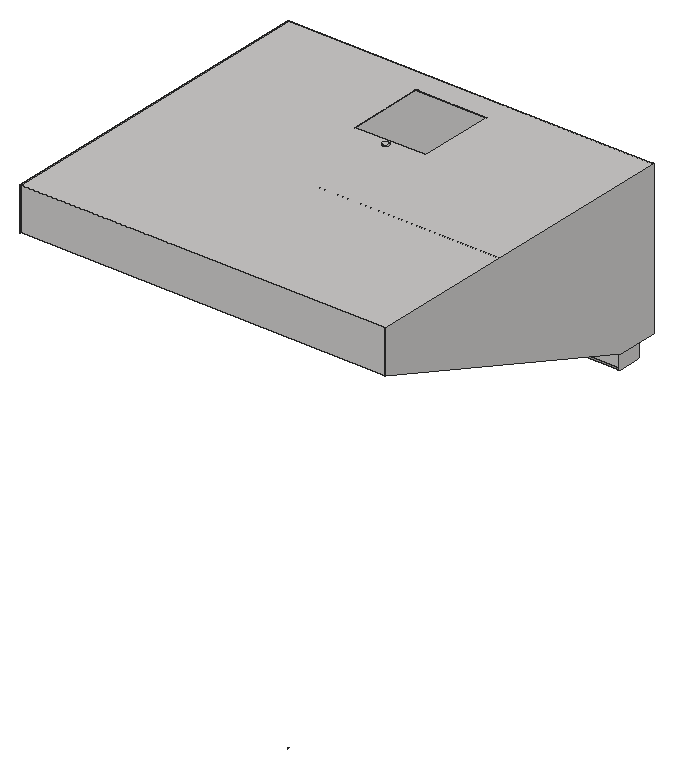
Revit family "QF_ELECTROLUXPROFESSIONAL_644191_AMPV1112BT", category Attrezzature speciali, Revit 2021
Family settings
  Quota connettore circolare = Usa diametro
  Tipo di parte = Normale
  Basato su piano di lavoro = No
  Sempre verticale = Sì
  Taglio con vuoti quando caricato = No
  Condiviso = No
  Punto di calcolo locali = No
Parameters (values of type "Standard")
  Weight = 43.00 kg
  Watts = 300 W
  Volts = 220 V
  URL Manufacturer = "https://www.electroluxprofessional.com/"
  URL = "https://www.electroluxprofessional.com/"
  Steam Supply Size = 0 mm
  Steam Supply Minimum Pressure = 0.0 Pa
  Steam Supply Maximum Pressure = 0.0 Pa
  Steam Consumption per Hour = 0
  Refrigeration Suction Line Size = 0 mm
  Refrigeration Liquid Line Size = 0 mm
  Refrigerant Compressor Remote = yes
  Prospetto di default = 0 mm
  Produttore = "Electrolux Professional"
  Phase = 1
  Modello = "AMPV1112BT"
  Length Actual = 1200 mm  # constant formula
  Item Number = "644191"
  Hot Water Size = 0 mm
  Height Actual = 500 mm  # constant formula
  HP = "0.4 HP"
  Gas Size = 0 mm
  Gas KW = 0
  Gas Input Pressure = 0 W
  Direct Waste Size = 0 mm
  Descrizione = "430 S/S WALL HOOD+FILTERS+FAN 1200X1100"
  Depth Actual = 1100 mm  # constant formula
  Cycle = 50 Hz
  Condensate Return Size = 0 mm
  Compressed Air Volume = 0.0 L/s
  Compressed Air Size = 0 mm
  Compressed Air Pressure = 0.0 Pa
  Cold Water Size = 0 mm
  Accessory = yes
Reference planes
  plane 1 "Center (Front/Back)": y = 0
  plane 2: z = 0
  plane 3 "Center (Left/Right)": x = 150
  plane 4 "LEFT": x = -450
  plane 5 "RIGHT": x = 750
  plane 6 "BACK": y = 550
  plane 7 "FRONT": y = -550
  plane 8 "Plane": z = 2000
  plane 9 "TOP": z = 2140
  plane 10 "Base": z = 1640
  plane 11: z = 1566
  plane 12 "DrainY": y = 485
  plane 13: x = -447
  plane 14: through (0, 414.509, 1640.8) normal (0, 0.7314, 0.682)
  plane 15: y = 470
  plane 16: y = 220
  plane 17 "DrainX": x = 630
  plane 18: x = 33.5
  plane 19: x = 266.5
  plane 20: x = 747
  plane 21: x = 540
  plane 22: x = 720
  plane 23: x = -410
  plane 24: x = 710
  plane 25: x = -47.5
  plane 26: x = 347.5
  plane 27: y = 200
Forms (mm)
  Extrusion 1, solid, material "QF_Finishes_Stainless Steel"
    sketch origin (-450, 0, 0) x (0, 1, 0) y (0, 0, 1)
      loop
        line (550, 1640) -> (550, 2140) -> (-550, 2140) -> (-550, 1999.112) -> (413.973, 1640) -> (550, 1640)
    from 0 to 3
  Extrusion 2, solid, material "QF_Finishes_Stainless Steel"
    sketch origin (150, 0, 0) x (0, 1, 0) y (0, 0, 1)
      loop
        line (415.255, 1640) -> (550, 1640) -> (550, 2139.19) -> (549.2, 2139.19) -> (549.2, 1640.8) -> (415.876, 1640.8) -> (339.347, 1722.867) -> (349.609, 1732.436) -> (348.927, 1733.167) -> (337.934, 1722.917) -> (415.255, 1640)
      loop
        line (-82.203, 2139.19) -> (-82.203, 2118.6) -> (-31.047, 2118.6) -> (34.354, 2048.466) -> (46.028, 2059.352) -> (45.346, 2060.083) -> (34.403, 2049.879) -> (-30.612, 2119.6) -> (-81.203, 2119.6) -> (-81.203, 2139.19) -> (-82.203, 2139.19)
    from -597 to 597
  Extrusion 3, solid, material "QF_Finishes_Stainless Steel"
    sketch origin (750, 0, 0) x (0, 1, 0) y (0, 0, 1)
      loop
        line (550, 1640) -> (550, 2140) -> (-550, 2140) -> (-550, 1999.112) -> (413.973, 1640) -> (550, 1640)
    from 0 to -3
  Extrusion 4, solid, material "QF_Finishes_Stainless Steel"
    sketch origin (150, 0, 0) x (0, 1, 0) y (0, 0, 1)
      loop
        line (-550, 2140) -> (-550, 2000) -> (-549.2, 2000) -> (-549.2, 2139.19) -> (550, 2139.19) -> (550, 2140) -> (-550, 2140)
    from -600 to 600
  Extrusion 5, solid, material "QF_Finishes_Stainless Steel"
    sketch origin (150, 0, 0) x (0, 1, 0) y (0, 0, 1)
      loop
        line (534, 1640) -> (436, 1640) -> (436, 1627) -> (443.5, 1627) -> (443.5, 1576)
        arc (443.5, 1576) -> (446.429, 1568.929) -> (453.5, 1566) r 10
        line (453.5, 1566) -> (516.5, 1566)
        arc (516.5, 1566) -> (523.571, 1568.929) -> (526.5, 1576) r 10
        line (526.5, 1576) -> (526.5, 1627) -> (534, 1627) -> (534, 1640)
    from 390 to 570
  Extrusion 6, solid, material "QF_Finishes_Stainless Steel"
    sketch origin (0, 0, 1640) x (0, 1, 0) y (-1, 0, 0)
      loop
        circle (485, -630) r 20
    from -76 to -74
  Extrusion 7, solid, material "QF_Finished_Chrome"
    sketch origin (150, 0, 0) x (0, 1, 0) y (0, 0, 1)
      loop
        line (337.934, 1722.917) -> (341.591, 1726.327) -> (38.011, 2051.876) -> (34.354, 2048.466) -> (337.934, 1722.917)
    from -197.5 to -560
  Extrusion 8, solid, material "QF_Finishes_Stainless Steel"
    sketch origin (150, 0, 0) x (0, 1, 0) y (0, 0, 1)
      loop
        line (337.934, 1722.917) -> (341.591, 1726.327) -> (38.011, 2051.876) -> (34.354, 2048.466) -> (337.934, 1722.917)
    from 597 to 560
  Extrusion 9, solid, material "QF_Finished_Chrome"
    sketch origin (150, 0, 0) x (0, 1, 0) y (0, 0, 1)
      loop
        line (341.588, 1726.324) -> (38.009, 2051.874) -> (34.354, 2048.466) -> (337.934, 1722.917) -> (341.588, 1726.324)
    from 197.5 to 560
  Extrusion 10, void
    sketch origin (0, 0, 2140) x (0, 1, 0) y (-1, 0, 0)
      loop
        line (470, -266.5) -> (470, -33.5) -> (220, -33.5) -> (220, -266.5) -> (470, -266.5)
    from 0 to -10
  Extrusion 11, solid, material "QF_Finishes_Stainless Steel"
    sketch origin (0, 0, 0) x (1, 0, 0) y (0, 1, 0)
      loop
        line (-450, 550) -> (-450, 549) -> (-449, 549) -> (-449, 550) -> (-450, 550)
    from 0 to 1
  Extrusion 12, solid, material "QF_Finishes_Stainless Steel"
    sketch origin (150, 0, 0) x (0, 1, 0) y (0, 0, 1)
      loop
        line (337.934, 1722.917) -> (341.591, 1726.327) -> (38.011, 2051.876) -> (34.354, 2048.466) -> (337.934, 1722.917)
    from -560 to -597
  Extrusion 13, solid, material "QF_Finishes_Stainless Steel"
    sketch origin (150, 0, 0) x (0, 1, 0) y (0, 0, 1)
      loop
        line (337.934, 1722.917) -> (341.591, 1726.327) -> (38.011, 2051.876) -> (34.354, 2048.466) -> (337.934, 1722.917)
    from 197.5 to -197.5
  Extrusion 14, solid, material "QF_Finishes_Stainless Steel"
    sketch origin (0, 0, 2140) x (0, 1, 0) y (-1, 0, 0)
      loop
        circle (200, -150) r 10
    from 0 to 1.6
Cuts and joins
  Extrusion 10 cuts Extrusion 4
  joined: Extrusion 2, Extrusion 4
Lines and regions (mm)
  reference lines
    curve 1: line (150, 34.354, 2048.466) -> (150, 34.354, 1888.466)
  symbolic lines, style "SpecialityEquipment", detail levels coarse
    curve 2: line (750, 550, 2140) -> (-450, 550, 2140)
    curve 3: line (-450, 550, 2140) -> (-450, -550, 2140)
    curve 4: line (750, -550, 2140) -> (750, 550, 2140)
    curve 5: line (-450, -550, 2140) -> (750, -550, 2140)
    curve 6: line (266.5, 220, 2140) -> (33.5, 220, 2140)
    curve 7: line (266.5, 470, 2140) -> (266.5, 220, 2140)
    curve 8: line (33.5, 470, 2140) -> (266.5, 470, 2140)
    curve 9: line (33.5, 220, 2140) -> (33.5, 470, 2140)
    curve 10: line (-450, -550, 0) -> (750, 550, 0)
    curve 11: line (-450, 550, 0) -> (750, -550, 0)
Dimensions and locks
  plane 4 "LEFT" to plane 5 "RIGHT" = 1200 mm
  equal spacing: plane 4 "LEFT", plane 3 "Center (Left/Right)", plane 5 "RIGHT"
  locked: plane 8 "Plane" to level at 2000
  plane 9 "TOP" to plane 8 "Plane" = 140 mm
  locked: plane 9 "TOP" to plane 10 "Base" at 500
  plane 10 "Base" to plane 11 = 74 mm
  plane 6 "BACK" to plane 12 "DrainY" = 65 mm  (x2)
  plane 4 "LEFT" to plane 13 = 3 mm
  plane 6 "BACK" to plane 15 = 80 mm
  plane 15 to plane 16 = 250 mm  (x2)
  plane 17 "DrainX" to plane 5 "RIGHT" = 120 mm
  plane 20 to plane 5 "RIGHT" = 3 mm
  locked: plane 21 to plane 17 "DrainX" at 90
  locked: plane 17 "DrainX" to plane 22 at 90
  plane 6 "BACK" to plane 7 "FRONT" = 1100 mm  (x2)
  equal spacing: plane 6 "BACK", plane 1 "Center (Front/Back)", plane 7 "FRONT"
  plane 16 to plane 7 "FRONT" = 770 mm
  plane 15 to plane 6 "BACK" = 80 mm
  locked: plane 4 "LEFT" to plane 23 at 40
  locked: plane 24 to plane 5 "RIGHT" at 40
  locked: plane 25 to plane 26 at 395
  equal spacing: plane 25, plane 3 "Center (Left/Right)", plane 26
  locked: plane 18 to plane 19 at 233
  equal spacing: plane 18, plane 3 "Center (Left/Right)", plane 19
  plane 16 to plane 27 = 20 mm
  aligned and locked: level to plane 2
  aligned and locked: Extrusion 2 to Extrusion 1
  aligned and locked: Extrusion 2 to Extrusion 3
  aligned and locked: plane 5 "RIGHT" to Extrusion 4
  aligned and locked: Extrusion 4 to plane 4 "LEFT"
  aligned and locked: plane 20 to Extrusion 8
  aligned and locked: Extrusion 10 to plane 18
  aligned and locked: Extrusion 10 to plane 16
  aligned and locked: Extrusion 10 to plane 15
  aligned and locked: Extrusion 2 to Extrusion 4
  aligned and locked: plane 22 to Extrusion 5
  aligned and locked: Extrusion 5 to plane 21
  aligned and locked: Extrusion 8 to plane 24
  aligned and locked: Extrusion 9 to plane 24
  aligned and locked: Extrusion 7 to plane 23
  aligned and locked: Extrusion 12 to plane 13
  aligned and locked: plane 23 to Extrusion 12
  aligned and locked: Extrusion 3 to plane 20
  aligned and locked: Extrusion 10 to plane 19
  aligned and locked: plane 19 to curve 7
  aligned and locked: plane 26 to Extrusion 13
  aligned and locked: Extrusion 13 to plane 25
  aligned and locked: Extrusion 9 to plane 26
Automatic sketch dimensions
  curve 5 to plane 5 "RIGHT" = 0 mm
  curve 5 to plane 7 "FRONT" = 0 mm
  curve 6 to plane 16 = 0 mm
  plane 15 to curve 8 = 0 mm
  curve 3 to plane 4 "LEFT" = 0 mm
  curve 3 to plane 6 "BACK" = 0 mm
  curve 6 to plane 18 = 0 mm
  Extrusion 1 sketch curve to plane 7 "FRONT" = 0 mm
  Extrusion 1 sketch curve to plane 10 "Base" = 0 mm
  Extrusion 1 sketch curve to plane 6 "BACK" = 0 mm
  Extrusion 1 sketch curve to plane 9 "TOP" = 0 mm
  plane 15 to Extrusion 1 sketch curve = 56.027 mm
  Extrusion 1 sketch curve to plane 8 "Plane" = 0.888 mm
  Extrusion 2 sketch curve to plane 14 = 0 mm  (x3)
  Extrusion 2 sketch curve to plane 10 "Base" = 0 mm
  plane 14 to Extrusion 2 sketch curve = 0 mm
  Extrusion 2 sketch curve to plane 6 "BACK" = 0 mm
  Extrusion 2 sketch curve to Extrusion 2 sketch curve = 65.646 mm
  Extrusion 2 sketch curve to Extrusion 2 sketch curve = 0.682 mm  (x2)
  Extrusion 2 sketch curve to Extrusion 2 sketch curve = 10.261 mm
  plane 10 "Base" to Extrusion 2 sketch curve = 82.917 mm
  Extrusion 2 sketch curve to plane 1 "Center (Front/Back)" = 46.028 mm
  Extrusion 2 sketch curve to Extrusion 2 sketch curve = 10.942 mm
  Extrusion 2 sketch curve to Extrusion 2 sketch curve = 0.049 mm
  Extrusion 2 sketch curve to plane 9 "TOP" = 20.4 mm
  Extrusion 2 sketch curve to plane 9 "TOP" = 21.4 mm
  Extrusion 2 sketch curve to plane 9 "TOP" = 0.81 mm  (x2)
  Extrusion 2 sketch curve to Extrusion 2 sketch curve = 50.156 mm
  Extrusion 2 sketch curve to Extrusion 2 sketch curve = 1 mm
  plane 10 "Base" to Extrusion 2 sketch curve = 0.8 mm
  Extrusion 2 sketch curve to plane 6 "BACK" = 0.8 mm
  Extrusion 3 sketch curve to plane 7 "FRONT" = 0 mm
  Extrusion 3 sketch curve to plane 10 "Base" = 0 mm
  Extrusion 3 sketch curve to plane 6 "BACK" = 0 mm
  Extrusion 3 sketch curve to plane 9 "TOP" = 0 mm
  plane 15 to Extrusion 3 sketch curve = 56.027 mm
  Extrusion 3 sketch curve to plane 8 "Plane" = 0.888 mm
  Extrusion 4 sketch curve to plane 7 "FRONT" = 0 mm
  Extrusion 4 sketch curve to plane 8 "Plane" = 0 mm
  Extrusion 4 sketch curve to plane 6 "BACK" = 0 mm
  Extrusion 4 sketch curve to plane 9 "TOP" = 0 mm
  plane 7 "FRONT" to Extrusion 4 sketch curve = 0.8 mm
  Extrusion 4 sketch curve to plane 9 "TOP" = 0.81 mm
  curve 1 to plane 14 = 0 mm
  curve 1 to plane 1 "Center (Front/Back)" = 34.354 mm
  curve 1 to plane 8 "Plane" = 111.534 mm
  Extrusion 5 sketch curve to plane 10 "Base" = 0 mm
  Extrusion 5 sketch curve to plane 11 = 0 mm
  Extrusion 5 sketch curve to plane 10 "Base" = 13 mm  (x2)
  plane 15 to Extrusion 5 sketch curve = 34 mm
  Extrusion 5 sketch curve to Extrusion 5 sketch curve = 7.5 mm  (x2)
  Extrusion 5 sketch curve to Extrusion 5 sketch curve = 10 mm
  plane 12 "DrainY" to Extrusion 5 sketch curve = 31.5 mm
  Extrusion 5 sketch curve to plane 6 "BACK" = 23.5 mm
  Extrusion 6 sketch curve to plane 12 "DrainY" = 0 mm
  Extrusion 6 sketch curve to plane 17 "DrainX" = 0 mm
  Extrusion 7 sketch curve to plane 14 = 0 mm  (x2)
  Extrusion 7 sketch curve to plane 1 "Center (Front/Back)" = 34.354 mm
  Extrusion 7 sketch curve to Extrusion 7 sketch curve = 3.657 mm
  plane 10 "Base" to Extrusion 7 sketch curve = 82.917 mm
  Extrusion 8 sketch curve to plane 14 = 0 mm  (x2)
  Extrusion 8 sketch curve to plane 1 "Center (Front/Back)" = 34.354 mm
  Extrusion 8 sketch curve to Extrusion 8 sketch curve = 3.657 mm
  plane 10 "Base" to Extrusion 8 sketch curve = 82.917 mm
  Extrusion 9 sketch curve to plane 14 = 0 mm  (x2)
  Extrusion 9 sketch curve to plane 1 "Center (Front/Back)" = 34.354 mm
  Extrusion 9 sketch curve to Extrusion 9 sketch curve = 3.655 mm
  plane 10 "Base" to Extrusion 9 sketch curve = 82.917 mm
  Extrusion 10 sketch curve to plane 16 = 0 mm
  plane 15 to Extrusion 10 sketch curve = 0 mm
  Extrusion 10 sketch curve to plane 19 = 0 mm
  Extrusion 10 sketch curve to plane 18 = 0 mm
  Extrusion 11 sketch curve to plane 4 "LEFT" = 0 mm
  Extrusion 11 sketch curve to plane 6 "BACK" = 0 mm
  plane 4 "LEFT" to Extrusion 11 sketch curve = 1 mm
  Extrusion 11 sketch curve to Extrusion 11 sketch curve = 1 mm
  Extrusion 12 sketch curve to plane 14 = 0 mm  (x2)
  Extrusion 12 sketch curve to plane 1 "Center (Front/Back)" = 34.354 mm
  Extrusion 12 sketch curve to Extrusion 12 sketch curve = 3.657 mm
  plane 10 "Base" to Extrusion 12 sketch curve = 82.917 mm
  Extrusion 13 sketch curve to plane 14 = 0 mm  (x2)
  Extrusion 13 sketch curve to plane 1 "Center (Front/Back)" = 34.354 mm
  Extrusion 13 sketch curve to Extrusion 13 sketch curve = 3.657 mm
  plane 10 "Base" to Extrusion 13 sketch curve = 82.917 mm
  curve 11 to plane 4 "LEFT" = 0 mm
  curve 10 to plane 4 "LEFT" = 0 mm
  curve 11 to plane 5 "RIGHT" = 0 mm
  curve 10 to plane 5 "RIGHT" = 0 mm
  curve 11 to plane 7 "FRONT" = 0 mm
  curve 10 to plane 7 "FRONT" = 0 mm
  curve 11 to plane 6 "BACK" = 0 mm
  curve 10 to plane 6 "BACK" = 0 mm
  Extrusion 14 sketch curve to plane 3 "Center (Left/Right)" = 0 mm
  plane 27 to Extrusion 14 sketch curve = 0 mm
  radius of Extrusion 6 sketch curve = 20 mm
  radius of Extrusion 14 sketch curve = 10 mm
Connectors
  piping at (630, 485, 1564), diameter 20
    settings: on Extrusion 6, index 1, connector inside diameter 609.6 mm, connector length 0 mm, flow factor 0, pipe flow 0.0 L/s, pressure drop 0.0 Pa, fitting loss kfactor 0, connector angle 0.00°, fixture units 0, engagement length 0 mm, angle of deflection 0.00°, flow configuration 1, flow direction 2, fitting loss method 0, system type 16, joint type 0, gender type 0, connector reference index -1, connector utility 0, adjustable connector no, is connector primary yes, connector description "Drain"
  hvac at (150, 345, 2140)
    settings: on Extrusion 10, index 2, duct flow 0.0 L/s, flow factor 0, pres drop 0.0 Pa, loss coef 0, conn angle 0.00°, conn width 250 mm, conn height 233 mm, conn diameter 609.6 mm, duct sys type 3, conn prof type 1, flow config 0, flow direction 2, loss method 0, conn ref index -1, conn util no, is conn primary yes, conn desc "EXHAUST OUTLET"
  electrical at (150, 200, 2141.6), driven by "Volts"
    settings: on Extrusion 14, index 3, voltage 220 V, apparent load 0 VA, apparent load phase1 0 VA, apparent load phase2 0 VA, apparent load phase3 0 VA, power factor 1, load classification "Other", number of poles 1, system type 30, power factor state 1, is connector primary yes, connector utility no, sub classification motor no, connector description "Electrical Connection"
